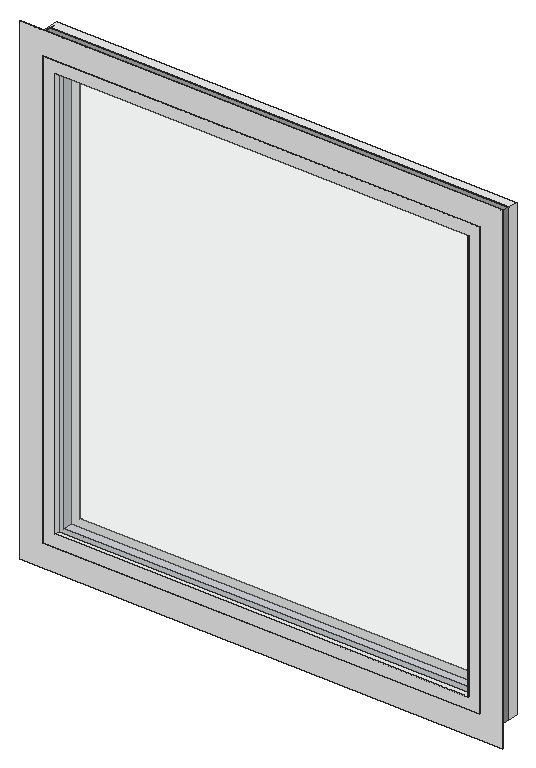
Revit family "Edge_TB42_A_Top_Hung_Standard", category Windows, host Wall, Revit 2014
Parameters (values of type "Casement_Sash_DG")
  Width Sash [instance] = 30 mm
  Width Sash Inner = 15 mm
  Width Bead = 15 mm
  Top Hung [instance] = yes
  Thermal Break Material = Rubber, Black
  Thermal Break Length = 16 mm
  Side Hung Right [instance] = yes
  Side Hung Left [instance] = yes
  Sash Opening Width [instance] = 600 mm
  Sash Opening Height [instance] = 600 mm
  Sash Lip = 15 mm
  Sash Leg [instance] = (Depth Sash - Thermal Break Length) / 2  # 13 mm
  SG Bead Leg = 6.683 mm
  Glazing Material [instance] = Glass
  Glazing Offset = 5 mm
  DG Start Piece 2 [instance] = DG End Piece 1 + DG Gasket Thickness  # 24.158 mm
  DG Start Peice 1 [instance] = ((Depth Sash - (2 * DG Glazing Thickness) - DG Gasket Thickness) / 2) - (SG Bead Leg - Aluminium Thickness) / 2  # 5.758 mm
  DG Glazing Thickness [instance] = 6.4 mm
  DG Gasket Thickness = 12 mm  # constant formula
  DG Gasket Material [instance] = none
  Depth Sash [instance] = 42 mm
  DG End Piece 2 [instance] = DG Start Piece 2 + DG Glazing Thickness  # 30.558 mm
  DG End Piece 1 [instance] = DG Start Peice 1 + DG Glazing Thickness  # 12.158 mm
  Center Vertical Sash [instance] = Sash Opening Height / 2  # 300 mm
  Center Horizontal Sash [instance] = Sash Opening Width / 2  # 300 mm
  Bottom Hung [instance] = yes
  Bead Offset = 15 mm
  Aluminium Thickness = 1 mm
  Aluminium Material [instance] = White Powder Coated Aluminium
Reference planes
  plane 1 "Center (Front/Back)": y = 0
  plane 2: z = 0
  plane 3 "Center (Left/Right)": x = 0
Forms (mm)
  Sweep 1, solid, material "White Powder Coated Aluminium" <- "Aluminium Material"
    path origin (16.177, 0, 121.331) x (1, 0, 0) y (0, 0, 1)
      loop
        line (0, 0) -> (600, 0) -> (600, 600) -> (0, 600) -> (0, 0)
    profile origin (316.177, 0, 121.331) x (0, 0, 1) y (0, -1, 0)
      loop
        line (0, 0) -> (30, 0) -> (30, 1) -> (15, 1) -> (15, 13) -> (14, 13) -> (14, 1) -> (1, 1) -> (1, 13) -> (0, 13) -> (0, 0)
      loop
        line (15, 42) -> (-15, 42) -> (-15, 41) -> (0, 41) -> (0, 29) -> (1, 29) -> (1, 41) -> (14, 41) -> (14, 29) -> (15, 29) -> (15, 42)
  Sweep 2, solid, material "White Powder Coated Aluminium" <- "Aluminium Material"
    path origin (0, 0, 0) x (1, 0, 0) y (0, 0, 1)
      loop
        line (31.177, 706.331) -> (31.177, 136.331) -> (601.177, 136.331) -> (601.177, 706.331) -> (31.177, 706.331)
    profile origin (316.177, 0, 706.331) x (0, 0, 1) y (0, -1, 0)
      loop
        line (0, 41) -> (0, 42) -> (-15, 42) -> (-15, 35.317) -> (-14, 35.317) -> (-14, 41) -> (0, 41)
  Extrusion 3, solid, material "Glass" <- "Glazing Material"
    sketch origin (0, 0, 0) x (1, 0, 0) y (0, 0, 1)
      loop
        line (36.177, 701.331) -> (36.177, 141.331) -> (596.177, 141.331) -> (596.177, 701.331) -> (36.177, 701.331)
    from 5.758 <- "DG Start Peice 1" to 12.158 <- "DG End Piece 1"
  Extrusion 4, solid, material "Glass" <- "Glazing Material"
    sketch origin (0, 0, 0) x (1, 0, 0) y (0, 0, 1)
      loop
        line (36.177, 701.331) -> (36.177, 141.331) -> (596.177, 141.331) -> (596.177, 701.331) -> (36.177, 701.331)
    from 30.558 <- "DG End Piece 2" to 24.158 <- "DG Start Piece 2"
  Sweep 5, solid, material <- "DG Gasket Material"
    path origin (0, -12.158, 0) x (1, 0, 0) y (0, 0, 1)
      loop
        line (36.177, 701.331) -> (36.177, 141.331) -> (596.177, 141.331) -> (596.177, 701.331) -> (36.177, 701.331)
    profile origin (316.177, -12.158, 701.331) x (0, 0, 1) y (0, -1, 0)
      loop
        line (0, 0) -> (0, 12) -> (-7.96, 12) -> (-7.96, 0) -> (0, 0)
  Sweep 6, solid, material "Rubber, Black" <- "Thermal Break Material"
    path origin (16.177, -13, 121.331) x (1, 0, 0) y (0, 0, 1)
      loop
        line (-15, 615) -> (-15, -15) -> (615, -15) -> (615, 615) -> (-15, 615)
    profile origin (316.177, -13, 736.331) x (0, 0, 1) y (0, -1, 0)
      loop
        line (-15, 16) -> (-16, 16) -> (-16, 0) -> (-15, 0) -> (-15, 16)
      loop
        line (-29, 16) -> (-30, 16) -> (-30, 0) -> (-29, 0) -> (-29, 16)
Lines and regions (mm)
  model lines
    curve 1: line (1.177, -42, 736.331) -> (31.177, -42, 706.331)
    curve 2: line (601.177, -42, 706.331) -> (631.177, -42, 736.331)
    curve 3: line (601.177, -42, 136.331) -> (631.177, -42, 106.331)
    curve 4: line (1.177, -42, 106.331) -> (31.177, -42, 136.331)
    curve 5: line (631.177, -41, 736.331) -> (616.177, -41, 721.331)
    curve 6: line (1.177, -41, 736.331) -> (16.177, -41, 721.331)
    curve 7: line (1.177, -41, 106.331) -> (16.177, -41, 121.331)
    curve 8: line (631.177, -41, 106.331) -> (616.177, -41, 121.331)
    curve 9: line (616.177, 0, 121.331) -> (586.177, 0, 151.331)
    curve 10: line (46.177, 0, 151.331) -> (16.177, 0, 121.331)
    curve 11: line (616.177, 0, 721.331) -> (586.177, 0, 691.331)
    curve 12: line (46.177, 0, 691.331) -> (16.177, 0, 721.331)
    curve 13: line (31.177, -42, 691.331) -> (46.177, -42, 691.331)
    curve 14: line (586.177, -42, 691.331) -> (601.177, -42, 691.331)
    curve 15: line (586.177, -42, 151.331) -> (601.177, -42, 151.331)
    curve 16: line (31.177, -42, 151.331) -> (46.177, -42, 151.331)
  model lines, style "GenericModelHiddenLines", visible <- "Top Hung"
    curve 17: line (46.386, -30.558, 690.602) -> (316.177, -30.558, 151.331)
    curve 18: line (316.177, -30.558, 151.331) -> (586.177, -30.558, 691.018)
  model lines, style "GenericModelHiddenLines", visible <- "Bottom Hung"
    curve 19: line (46.177, -30.558, 151.331) -> (316.177, -30.558, 691.018)
    curve 20: line (316.177, -30.558, 691.018) -> (586.177, -30.558, 151.331)
  model lines, style "GenericModelHiddenLines", visible <- "Side Hung Left"
    curve 21: line (46.386, -30.558, 690.602) -> (585.24, -30.558, 421.331)
    curve 22: line (585.24, -30.558, 421.331) -> (46.177, -30.558, 151.331)
  model lines, style "GenericModelHiddenLines", visible <- "Side Hung Right"
    curve 23: line (586.177, -30.558, 691.018) -> (46.177, -30.558, 421.331)
    curve 24: line (46.177, -30.558, 421.331) -> (586.177, -30.558, 151.331)
Dimensions and locks
  "Aluminium Thickness": Sweep 1 sketch curve to Sweep 1 sketch curve  (x6)
  "Depth Sash": Sweep 1 sketch curve to Sweep 1 sketch curve
  "Sash Opening Width": Sweep 1 to Sweep 1
  "Sash Opening Height": Sweep 1 to Sweep 1
  "Width Sash": Sweep 1 sketch curve to Sweep 1 sketch curve  (x2)
  "Width Sash Inner": Sweep 1 sketch curve to Sweep 1 sketch curve
  "Sash Lip": Sweep 1 sketch curve to Sweep 1 sketch curve
  "Glazing Offset": Sweep 2 to Extrusion 3 sketch curve  (x3)
  "Glazing Offset": Extrusion 3 sketch curve to Sweep 2
  Sweep 1 to Sweep 1 = 1 mm
  "Width Bead": Sweep 2 sketch curve to Sweep 2 sketch curve
  locked: Sweep 5 sketch curve to Sweep 5 sketch curve at 7.96
  "Center Horizontal Sash": Sweep 1 to curve 18
  "Center Horizontal Sash": Sweep 1 to curve 20
  "Center Vertical Sash": Sweep 1 to curve 22
  "Center Vertical Sash": Sweep 1 to curve 24
  "Sash Leg": Sweep 1 sketch curve to Sweep 1 sketch curve
  "Aluminium Thickness": Sweep 2 sketch curve to Sweep 2 sketch curve  (x2)
  "SG Bead Leg": Sweep 2 sketch curve to Sweep 2 sketch curve
  aligned and locked: level to plane 2
  aligned and locked: Sweep 1 sketch curve to Sweep 1 sketch curve  (x3)
  aligned and locked: Sweep 2 sketch curve to Sweep 1  (x4)
  aligned and locked: Sweep 1 to Sweep 2 sketch curve  (x2)
  aligned and locked: Extrusion 4 sketch curve to Extrusion 3  (x4)
  aligned and locked: Sweep 5 sketch curve to Extrusion 3  (x5)
  aligned and locked: Extrusion 3 to Sweep 5 sketch curve
  aligned and locked: Sweep 6 sketch curve to Sweep 1  (x10)
  aligned and locked: Sweep 1 to Sweep 6 sketch curve  (x2)
Automatic sketch dimensions
  plane 3 "Center (Left/Right)" to Sweep 1 sketch curve = 16.177 mm
  level to Sweep 1 sketch curve = 121.331 mm
  plane 3 "Center (Left/Right)" to Sweep 1 sketch curve = 616.177 mm
  level to Sweep 1 sketch curve = 721.331 mm
  profile plane to Sweep 5 sketch curve = 12 mm
  curve 7 to Sweep 1 = 0 mm  (x4)
  curve 6 to Sweep 1 = 0 mm  (x3)
  Sweep 1 to curve 6 = 0 mm
  curve 5 to Sweep 1 = 0 mm  (x3)
  curve 8 to Sweep 1 = 0 mm  (x4)
  Sweep 1 to curve 5 = 0 mm
  curve 16 to Sweep 2 = 0 mm  (x3)
  curve 13 to Sweep 2 = 0 mm  (x3)
  curve 15 to Sweep 2 = 0 mm
  Sweep 2 to curve 15 = 0 mm  (x2)
  curve 14 to Sweep 2 = 0 mm  (x2)
  Sweep 2 to curve 14 = 0 mm
  curve 1 to Sweep 1 = 0 mm  (x4)
  curve 4 to Sweep 1 = 0 mm  (x4)
  curve 2 to Sweep 1 = 0 mm  (x4)
  curve 3 to Sweep 1 = 0 mm  (x2)
  Sweep 1 to curve 3 = 0 mm  (x2)
  curve 10 to Sweep 1 = 0 mm  (x4)
  curve 12 to Sweep 1 = 0 mm  (x2)
  Sweep 1 to curve 12 = 0 mm  (x2)
  curve 11 to Sweep 1 = 0 mm  (x4)
  curve 9 to Sweep 1 = 0 mm  (x4)
  profile plane to Sweep 1 sketch curve = 0 mm  (x2)
  Sweep 1 sketch curve to plane 1 "Center (Front/Back)" = 0 mm
  Sweep 1 sketch curve to Sweep 1 sketch curve = 13 mm
  Sweep 1 sketch curve to Sweep 1 sketch curve = 12 mm  (x2)
  curve 21 to Extrusion 4 = 10.208 mm
  curve 19 to Extrusion 4 = 10 mm
  curve 23 to Extrusion 4 = 10 mm  (x2)
  curve 22 to Extrusion 4 = 10.937 mm
  curve 20 to Extrusion 4 = 10 mm
  curve 24 to Extrusion 4 = 10 mm
  curve 22 to Extrusion 4 = 10 mm
  curve 18 to Extrusion 4 = 10 mm
  curve 21 to Extrusion 4 = 10.729 mm
  curve 19 to Extrusion 4 = 10.312 mm
  curve 18 to Extrusion 4 = 10.312 mm
Types in the file's own list only (6): name | Windload Design | Width Sash Opening | Width Sash | Width Profile | Width | URL | Max Pane Area | Max System DG One Piece Thickness | Max System DG Unit Thickness | Intruderprufe U Value | Intruderprufe SHGC Value | Intruderprufe LowE U Value | Intruderprufe LowE SHGC Value | Intruderprufe Insulated U Value | Intruderprufe Insulated SHGC Value | Intruderprufe Insulated LowE U Value | Intruderprufe Insulated LowE SHGC Value | Height | Energy Advantage U Value | Energy Advantage SHGC Value | DG Thickness Calc | Custom Window Width | Custom Window Height | Window Exterior Offset | Custom Windload | Sash Width | Sash Height | Sash Spacing Inner | Sash Overlap | Sash Center Offset | SG Gasket Thickness | Offset Sash Left | Offset Sash 1 Top | Offset Bead SG Center Reversed | Model | Manufacturer | Limit Window Width Min | Limit Window Width Max | Limit Window Height Min | Limit Window Height Max | Limit Sash Width Min | Limit Sash Width Max | Limit Sash Height Min | Limit Sash Height Max | Height Sash 1 Opening | Height Sash | Description | Frame Center Offset | Depth Bead | Default Sill Height | Wall Closure | DG Gasket Finish | DG Extrusion Start | Offset Window Exterior | Clearvue U Value | Clearvue SHGC Value | Clearvue Insulated U Value | Clearvue Insulated SHGC Value | Clearvue Insulated LowE U Value | Clearvue Insulated LowE SHGC Value | Casement Dimension | Bottom Hung | Bead SG Gap
  EDGE-0606T-1000Pa | 1000 mm | 545 mm | 514 mm | 30 mm | 590 mm | "http://www.crealco.co.za/crealco-products.php" | 0.20 m² | 6 mm | 25 mm | 4.92 | 0.404 | 3.98 | 0.366 | 3.23 | 0.367 | 2.86 | 0.331 | 590 mm | 3.98 | 0.39 | 4 mm | 590 mm | 590 mm | 0 mm | 1000 mm | 545 mm | 545 mm | 8 mm | 7 mm | 18 mm | 6 mm | 23 mm | 23 mm | 21 mm | "Edge" | "Crealco" | 346 mm | 1546 mm | 346 mm | 1246 mm | 300 mm | 1500 mm | 300 mm | 1200 mm | 545 mm | 514 mm | "Thermal break casement windows (42mm), Type A top hung" | 21 mm | 28 mm | 800 mm | By host | Double Glazing Gasket Material | 11 mm | 21 mm | 5.01 | 0.434 | 3.27 | 0.401 | 2.9 | 0.365 | 42 mm | No | 13 mm
  EDGE-0906T-1000Pa | 1000 mm | 845 mm | 814 mm | 30 mm | 890 mm | "http://www.crealco.co.za/crealco-products.php" | 0.33 m² | 6 mm | 25 mm | 5.04 | 0.458 | 3.93 | 0.413 | 3.15 | 0.412 | 2.73 | 0.371 | 590 mm | 3.94 | 0.441 | 4 mm | 890 mm | 590 mm | 0 mm | 1000 mm | 845 mm | 545 mm | 8 mm | 7 mm | 18 mm | 6 mm | 23 mm | 23 mm | 21 mm | "Edge" | "Crealco" | 346 mm | 1546 mm | 346 mm | 1246 mm | 300 mm | 1500 mm | 300 mm | 1200 mm | 545 mm | 514 mm | "Thermal break casement windows (42mm), Type A top hung" | 21 mm | 28 mm | 800 mm | By host | Double Glazing Gasket Material | 11 mm | 21 mm | 5.13 | 0.492 | 3.2 | 0.45 | 2.77 | 0.41 | 42 mm | No | 13 mm
  EDGE-0606T-1500Pa | 1500 mm | 545 mm | 514 mm | 30 mm | 590 mm | "http://www.crealco.co.za/crealco-products.php" | 0.20 m² | 6 mm | 25 mm | 4.92 | 0.404 | 3.98 | 0.366 | 3.23 | 0.367 | 2.86 | 0.331 | 590 mm | 3.98 | 0.39 | 4 mm | 590 mm | 590 mm | 0 mm | 1500 mm | 545 mm | 545 mm | 8 mm | 7 mm | 18 mm | 6 mm | 23 mm | 23 mm | 21 mm | "Edge" | "Crealco" | 346 mm | 1546 mm | 346 mm | 1246 mm | 300 mm | 1500 mm | 300 mm | 1200 mm | 545 mm | 514 mm | "Thermal break casement windows (42mm), Type A top hung" | 21 mm | 28 mm | 800 mm | By host | Double Glazing Gasket Material | 11 mm | 21 mm | 5.01 | 0.434 | 3.27 | 0.401 | 2.9 | 0.365 | 42 mm | No | 13 mm
  EDGE-0606T-2000Pa | 2000 mm | 545 mm | 514 mm | 30 mm | 590 mm | "http://www.crealco.co.za/crealco-products.php" | 0.20 m² | 6 mm | 25 mm | 4.92 | 0.404 | 3.98 | 0.366 | 3.23 | 0.367 | 2.86 | 0.331 | 590 mm | 3.98 | 0.39 | 4 mm | 590 mm | 590 mm | 0 mm | 2000 mm | 545 mm | 545 mm | 8 mm | 7 mm | 18 mm | 6 mm | 23 mm | 23 mm | 21 mm | "Edge" | "Crealco" | 346 mm | 1546 mm | 346 mm | 1246 mm | 300 mm | 1500 mm | 300 mm | 1200 mm | 545 mm | 514 mm | "Thermal break casement windows (42mm), Type A top hung" | 21 mm | 28 mm | 800 mm | By host | Double Glazing Gasket Material | 11 mm | 21 mm | 5.01 | 0.434 | 3.27 | 0.401 | 2.9 | 0.365 | 42 mm | No | 13 mm
  EDGE-0906T-1500Pa | 1500 mm | 845 mm | 814 mm | 30 mm | 890 mm | "http://www.crealco.co.za/crealco-products.php" | 0.33 m² | 6 mm | 25 mm | 5.04 | 0.458 | 3.93 | 0.413 | 3.15 | 0.412 | 2.73 | 0.371 | 590 mm | 3.94 | 0.441 | 4 mm | 890 mm | 590 mm | 0 mm | 1500 mm | 845 mm | 545 mm | 8 mm | 7 mm | 18 mm | 6 mm | 23 mm | 23 mm | 21 mm | "Edge" | "Crealco" | 346 mm | 1546 mm | 346 mm | 1246 mm | 300 mm | 1500 mm | 300 mm | 1200 mm | 545 mm | 514 mm | "Thermal break casement windows (42mm), Type A top hung" | 21 mm | 28 mm | 800 mm | By host | Double Glazing Gasket Material | 11 mm | 21 mm | 5.13 | 0.492 | 3.2 | 0.45 | 2.77 | 0.41 | 42 mm | No | 13 mm
  EDGE-0906T-2000Pa | 2000 mm | 845 mm | 814 mm | 30 mm | 890 mm | "http://www.crealco.co.za/crealco-products.php" | 0.33 m² | 6 mm | 25 mm | 5.04 | 0.458 | 3.93 | 0.413 | 3.15 | 0.412 | 2.73 | 0.371 | 590 mm | 3.94 | 0.441 | 4 mm | 890 mm | 590 mm | 0 mm | 2000 mm | 845 mm | 545 mm | 8 mm | 7 mm | 18 mm | 6 mm | 23 mm | 23 mm | 21 mm | "Edge" | "Crealco" | 346 mm | 1546 mm | 346 mm | 1246 mm | 300 mm | 1500 mm | 300 mm | 1200 mm | 545 mm | 514 mm | "Thermal break casement windows (42mm), Type A top hung" | 21 mm | 28 mm | 800 mm | By host | Double Glazing Gasket Material | 11 mm | 21 mm | 5.13 | 0.492 | 3.2 | 0.45 | 2.77 | 0.41 | 42 mm | No | 13 mm
